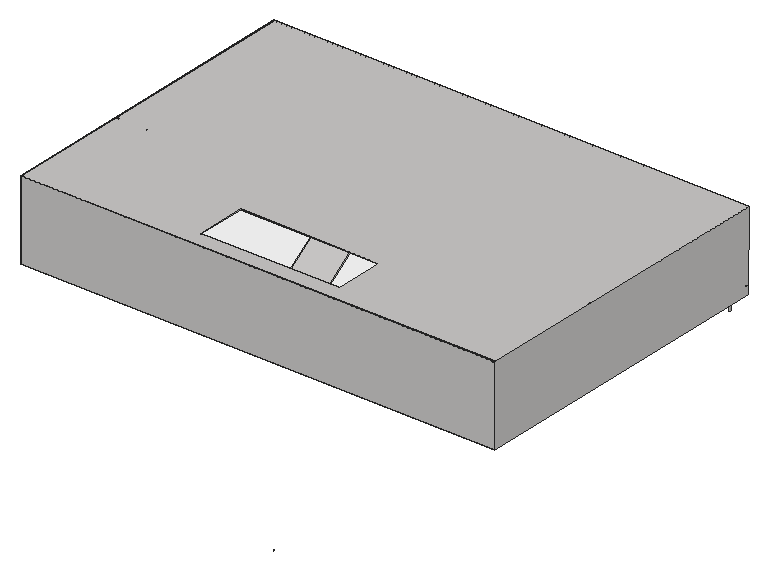
Revit family "QF_ELECTROLUXPROFESSIONAL_640205_EPF1624", category Specialty Equipment, Revit 2014
Reference planes
  plane 1: z = 0
  plane 2 "Center (Left/Right)": x = 150
  plane 3 "LEFT": x = -1050
  plane 4 "RIGHT": x = 1350
  plane 5 "BACK": y = 550
  plane 6 "TOP": z = 2400
  plane 7 "Base": z = 2000
  plane 8: z = 1970
  plane 9 "DrainY": y = 450
  plane 10: x = -1047
  plane 11: y = -720
  plane 12: y = -970
  plane 13 "DrainX": x = 1337
  plane 14 "AOLeft": x = -200
  plane 15 "AORight": x = 500
  plane 16: x = 1347
  plane 17: x = -850
  plane 18: x = 1150
  plane 19: through (0, -449.6, 2399.19) normal (0, -0.5736, 0.8192)
  plane 20: x = 50
  plane 21: x = 250
  plane 22 "Center (Front/Back)": y = -250
  plane 23 "Front": y = -1050
Forms (mm)
  Extrusion 1, solid, material "QF_Finishes_Stainless Steel"
    sketch origin (-1050, 0, 360) x (0, 1, 0) y (0, 0, 1)
      loop
        line (550, 1640) -> (550, 2040) -> (-1050, 2040) -> (-1050, 1640) -> (550, 1640)
    from 0 to 3
  Extrusion 2, solid, material "QF_Finishes_Stainless Steel"
    sketch origin (1350, 0, 360) x (0, 1, 0) y (0, 0, 1)
      loop
        line (550, 1640) -> (550, 2040) -> (-1050, 2040) -> (-1050, 1640) -> (550, 1640)
    from 0 to -3
  Extrusion 3, solid, material "QF_Finishes_Stainless Steel"
    sketch origin (150, 0, 360) x (0, 1, 0) y (0, 0, 1)
      loop
        line (-1050, 2040) -> (-1050, 1640) -> (-1040, 1640) -> (-1040, 1640.8) -> (-1049.2, 1640.8) -> (-1049.2, 2039.19) -> (549.2, 2039.19) -> (549.2, 1640.8) -> (540, 1640.8) -> (540, 1640) -> (550, 1640) -> (550, 2040) -> (-1050, 2040)
    from -1200 to 1200
  Extrusion 4, solid, material "QF_Finishes_Stainless Steel"
    sketch origin (0, 0, 2000) x (0, 1, 0) y (-1, 0, 0)
      loop
        circle (450, -1337) r 4.763
    from -30 to 0
  Extrusion 5, void
    sketch origin (0, 0, 2400) x (0, 1, 0) y (-1, 0, 0)
      loop
        line (-720, -500) -> (-720, 200) -> (-970, 200) -> (-970, -500) -> (-720, -500)
    from 0 to -10
  Extrusion 6, solid, material "QF_Finishes_Stainless Steel"
    sketch origin (0, 0, 0) x (1, 0, 0) y (0, 1, 0)
      loop
        line (-1050, 550) -> (-1050, 549) -> (-1049, 549) -> (-1049, 550) -> (-1050, 550)
    from 0 to 1
  Extrusion 7, solid, material "QF_Finishes_Stainless Steel"
    sketch origin (150, 0, 360) x (0, 1, 0) y (0, 0, 1)
      loop
        line (-531.515, 1981.832) -> (-534.381, 1985.926) -> (-973.276, 1678.608) -> (-970.553, 1674.415) -> (-531.515, 1981.832)
    from -1000 to -1197
  Extrusion 8, solid, material "QF_Finishes_Stainless Steel"
    sketch origin (150, 0, 360) x (0, 1, 0) y (0, 0, 1)
      loop
        line (-1050, 2039.19) -> (-1050, 1640) -> (-1019.702, 1640) -> (-970.553, 1674.415) -> (-978.723, 1686.995) -> (-979.394, 1686.559) -> (-971.645, 1674.627) -> (-1019.955, 1640.8) -> (-1049.2, 1640.8) -> (-1049.2, 2039.19) -> (-1050, 2039.19)
      loop
        line (-449.6, 2039.19) -> (-450.995, 2039.19) -> (-531.319, 1982.947) -> (-539.464, 1994.578) -> (-540.119, 1994.12) -> (-531.515, 1981.832) -> (-449.6, 2039.19)
    from -1197 to 1197
  Extrusion 9, solid, material "QF_Finishes_Stainless Steel"
    sketch origin (150, 0, 360) x (0, 1, 0) y (0, 0, 1)
      loop
        line (-531.515, 1981.832) -> (-534.381, 1985.926) -> (-973.276, 1678.608) -> (-970.553, 1674.415) -> (-531.515, 1981.832)
    from 1197 to 1000
  Extrusion 10, solid, material "QF_Finishes_Stainless Steel"
    sketch origin (150, 0, 360) x (0, 1, 0) y (0, 0, 1)
      loop
        line (-531.515, 1981.832) -> (-534.381, 1985.926) -> (-973.276, 1678.608) -> (-970.553, 1674.415) -> (-531.515, 1981.832)
    from -100 to 100
  Extrusion 11, solid, material "QF_Finished_Chrome"
    sketch origin (150, 0, 360) x (0, 1, 0) y (0, 0, 1)
      loop
        line (-531.515, 1981.832) -> (-534.381, 1985.926) -> (-973.276, 1678.608) -> (-970.553, 1674.415) -> (-531.515, 1981.832)
    from -1000 to -100
  Extrusion 12, solid, material "QF_Finished_Chrome"
    sketch origin (150, 0, 360) x (0, 1, 0) y (0, 0, 1)
      loop
        line (-531.515, 1981.832) -> (-534.381, 1985.926) -> (-973.276, 1678.608) -> (-970.553, 1674.415) -> (-531.515, 1981.832)
    from 100 to 1000
  Sweep 13, solid, material "QF_Finishes_Stainless Steel"
    path origin (0, 0, 0) x (1, 0, 0) y (0, 1, 0)
      loop
        line (1350, 550) -> (-1050, 550) -> (-1050, -1050) -> (1350, -1050) -> (1350, 550)
    profile origin (1350, -250, 0) x (1, 0, 0) y (0, 0, 1)
      loop
        line (-3, 2000) -> (-3, 2000.8) -> (-19, 2000.8) -> (-19, 2010) -> (-20, 2010) -> (-20, 2000) -> (-3, 2000)
  Extrusion 14, solid, material "QF_Finishes_Stainless Steel"
    sketch origin (150, 0, 0) x (0, 1, 0) y (0, 0, 1)
      loop
        line (108.687, 2305.487) -> (549.2, 2040.8) -> (549.2, 2041.733) -> (109.285, 2306.061) -> (-443.438, 2399.19) -> (-445.739, 2399.19) -> (108.687, 2305.487)
    from -1197 to 1197
Cuts and joins
  Extrusion 5 cuts Extrusion 3
  joined: Extrusion 2, Extrusion 3, Sweep 13
Lines and regions (mm)
  symbolic lines, style "SpecialityEquipment", detail levels coarse
    curve 1: line (1350, 550, 2400) -> (-1050, 550, 2400)
    curve 2: line (-1050, 550, 2400) -> (-1050, -1050.8, 2400)
    curve 3: line (1350, -1050.8, 2400) -> (1350, 550, 2400)
    curve 4: line (500, -970, 2400) -> (-200, -970, 2400)
    curve 5: line (500, -720, 2400) -> (500, -970, 2400)
    curve 6: line (-200, -720, 2400) -> (500, -720, 2400)
    curve 7: line (-200, -970, 2400) -> (-200, -720, 2400)
    curve 8: line (-1050, 550, 0) -> (1350, -1050, 0)
    curve 9: line (1350, 550, 0) -> (-1050, -1050, 0)
  symbolic lines, detail levels coarse
    curve 10: line (-1050, -1050, 0) -> (1350, -1050, 0)
    curve 11: line (-200, -720, 0) -> (-200, -970, 0)
    curve 12: line (500, -720, 0) -> (-200, -720, 0)
    curve 13: line (500, -970, 0) -> (500, -720, 0)
    curve 14: line (-200, -970, 0) -> (500, -970, 0)
Dimensions and locks
  plane 3 "LEFT" to plane 4 "RIGHT" = 2400 mm
  equal spacing: plane 3 "LEFT", plane 2 "Center (Left/Right)", plane 4 "RIGHT"
  plane 7 "Base" to plane 8 = 30 mm
  plane 5 "BACK" to plane 9 "DrainY" = 100 mm  (x2)
  plane 3 "LEFT" to plane 10 = 3 mm
  plane 13 "DrainX" to plane 4 "RIGHT" = 13 mm
  plane 16 to plane 4 "RIGHT" = 3 mm
  plane 3 "LEFT" to plane 17 = 200 mm
  plane 18 to plane 4 "RIGHT" = 200 mm
  locked: plane 14 "AOLeft" to plane 15 "AORight" at 700
  equal spacing: plane 14 "AOLeft", plane 2 "Center (Left/Right)", plane 15 "AORight"
  locked: plane 7 "Base" to level at 2000
  locked: plane 6 "TOP" to plane 7 "Base" at 400
  locked: plane 20 to plane 21 at 200
  equal spacing: plane 20, plane 2 "Center (Left/Right)", plane 21
  locked: plane 11 to plane 12 at 250
  plane 5 "BACK" to plane 23 "Front" = 1600 mm  (x2)
  equal spacing: plane 5 "BACK", plane 22 "Center (Front/Back)", plane 23 "Front"
  plane 12 to plane 23 "Front" = 80 mm
  aligned and locked: level to plane 1
  aligned and locked: plane 4 "RIGHT" to Extrusion 3
  aligned and locked: Extrusion 3 to plane 3 "LEFT"
  aligned and locked: Extrusion 5 to plane 14 "AOLeft"
  aligned and locked: Extrusion 5 to plane 12
  aligned and locked: Extrusion 5 to plane 11
  aligned and locked: Extrusion 7 to plane 10
  aligned and locked: Extrusion 7 to plane 17
  aligned and locked: Extrusion 2 to plane 16
  aligned and locked: Extrusion 5 to plane 15 "AORight"
  aligned and locked: plane 15 "AORight" to curve 5
  aligned and locked: plane 16 to Extrusion 9
  aligned and locked: plane 18 to Extrusion 9
  aligned and locked: Extrusion 10 to plane 21
  aligned and locked: Extrusion 10 to plane 20
  aligned and locked: Extrusion 11 to plane 20
  aligned and locked: plane 17 to Extrusion 11
  aligned and locked: Extrusion 12 to plane 21
  aligned and locked: Extrusion 12 to plane 18
  aligned and locked: Extrusion 14 to plane 10
  aligned and locked: plane 16 to Extrusion 14
  aligned and locked: Extrusion 8 to plane 10
  aligned and locked: Extrusion 8 to plane 16
  aligned and locked: Extrusion 1 to plane 23 "Front"
Automatic sketch dimensions
  curve 2 to plane 3 "LEFT" = 0 mm
  curve 4 to plane 12 = 0 mm
  plane 11 to curve 6 = 0 mm
  curve 2 to plane 5 "BACK" = 0 mm
  curve 4 to plane 14 "AOLeft" = 0 mm
  Extrusion 1 sketch curve to plane 7 "Base" = 0 mm
  Extrusion 1 sketch curve to plane 5 "BACK" = 0 mm
  Extrusion 1 sketch curve to plane 6 "TOP" = 0 mm
  Extrusion 2 sketch curve to plane 7 "Base" = 0 mm
  Extrusion 2 sketch curve to plane 5 "BACK" = 0 mm
  Extrusion 2 sketch curve to plane 6 "TOP" = 0 mm
  Extrusion 3 sketch curve to plane 6 "TOP" = 0 mm
  Extrusion 3 sketch curve to plane 7 "Base" = 0 mm  (x2)
  Extrusion 3 sketch curve to plane 5 "BACK" = 0 mm
  Extrusion 3 sketch curve to Extrusion 3 sketch curve = 9.2 mm
  plane 7 "Base" to Extrusion 3 sketch curve = 0.8 mm  (x2)
  Extrusion 3 sketch curve to plane 5 "BACK" = 10 mm
  Extrusion 3 sketch curve to plane 5 "BACK" = 0.8 mm
  Extrusion 3 sketch curve to plane 6 "TOP" = 0.81 mm
  Extrusion 4 sketch curve to plane 9 "DrainY" = 0 mm
  Extrusion 4 sketch curve to plane 13 "DrainX" = 0 mm
  Extrusion 5 sketch curve to plane 12 = 0 mm
  plane 11 to Extrusion 5 sketch curve = 0 mm
  Extrusion 5 sketch curve to plane 15 "AORight" = 0 mm
  Extrusion 5 sketch curve to plane 14 "AOLeft" = 0 mm
  Extrusion 6 sketch curve to plane 3 "LEFT" = 0 mm
  Extrusion 6 sketch curve to plane 5 "BACK" = 0 mm
  plane 3 "LEFT" to Extrusion 6 sketch curve = 1 mm
  Extrusion 6 sketch curve to Extrusion 6 sketch curve = 1 mm
  Extrusion 7 sketch curve to plane 19 = 0 mm  (x2)
  plane 7 "Base" to Extrusion 7 sketch curve = 34.415 mm
  Extrusion 7 sketch curve to plane 6 "TOP" = 54.074 mm
  Extrusion 8 sketch curve to plane 7 "Base" = 0 mm
  plane 19 to Extrusion 8 sketch curve = 0 mm  (x4)
  Extrusion 8 sketch curve to Extrusion 8 sketch curve = 0.252 mm
  Extrusion 8 sketch curve to Extrusion 8 sketch curve = 40.561 mm
  plane 7 "Base" to Extrusion 8 sketch curve = 46.995 mm
  Extrusion 8 sketch curve to Extrusion 8 sketch curve = 0.671 mm
  plane 7 "Base" to Extrusion 8 sketch curve = 34.627 mm
  Extrusion 8 sketch curve to Extrusion 8 sketch curve = 7.749 mm
  Extrusion 8 sketch curve to plane 6 "TOP" = 45.88 mm
  Extrusion 8 sketch curve to plane 6 "TOP" = 45.422 mm
  Extrusion 8 sketch curve to plane 6 "TOP" = 57.053 mm
  Extrusion 8 sketch curve to plane 6 "TOP" = 0.81 mm  (x2)
  plane 7 "Base" to Extrusion 8 sketch curve = 0.8 mm
  Extrusion 9 sketch curve to plane 19 = 0 mm  (x2)
  plane 7 "Base" to Extrusion 9 sketch curve = 34.415 mm
  Extrusion 9 sketch curve to plane 6 "TOP" = 54.074 mm
  Extrusion 10 sketch curve to plane 19 = 0 mm  (x2)
  plane 7 "Base" to Extrusion 10 sketch curve = 34.415 mm
  Extrusion 10 sketch curve to plane 6 "TOP" = 54.074 mm
  Extrusion 11 sketch curve to plane 19 = 0 mm  (x2)
  plane 7 "Base" to Extrusion 11 sketch curve = 34.415 mm
  Extrusion 11 sketch curve to plane 6 "TOP" = 54.074 mm
  Extrusion 12 sketch curve to plane 19 = 0 mm  (x2)
  plane 7 "Base" to Extrusion 12 sketch curve = 34.415 mm
  Extrusion 12 sketch curve to plane 6 "TOP" = 54.074 mm
  Sweep 13 sketch curve to plane 3 "LEFT" = 0 mm
  Sweep 13 sketch curve to plane 4 "RIGHT" = 0 mm
  Sweep 13 sketch curve to plane 5 "BACK" = 0 mm
  profile plane to Sweep 13 sketch curve = 20 mm
  Sweep 13 sketch curve to Sweep 13 sketch curve = 1 mm
  profile plane to Sweep 13 sketch curve = 3 mm
  level to Sweep 13 sketch curve = 2000 mm
  Sweep 13 sketch curve to Sweep 13 sketch curve = 0.8 mm
  Sweep 13 sketch curve to Sweep 13 sketch curve = 9.2 mm
  Extrusion 7 sketch curve to plane 11 = 185.619 mm
  Extrusion 8 sketch curve to Extrusion 8 sketch curve = 90.519 mm
  Extrusion 9 sketch curve to plane 11 = 185.619 mm
  Extrusion 10 sketch curve to plane 11 = 185.619 mm
  Extrusion 11 sketch curve to plane 11 = 185.619 mm
  Extrusion 12 sketch curve to plane 11 = 185.619 mm
  Extrusion 1 sketch curve to plane 12 = 80 mm
  Extrusion 2 sketch curve to plane 12 = 80 mm
  Extrusion 3 sketch curve to plane 12 = 70 mm
  Extrusion 3 sketch curve to Extrusion 3 sketch curve = 0.8 mm
  Extrusion 7 sketch curve to plane 12 = 3.276 mm
  Extrusion 8 sketch curve to plane 12 = 79.2 mm
  Extrusion 8 sketch curve to Extrusion 8 sketch curve = 0.8 mm
  Extrusion 9 sketch curve to plane 12 = 3.276 mm
  Extrusion 10 sketch curve to plane 12 = 3.276 mm
  Extrusion 11 sketch curve to plane 12 = 3.276 mm
  Extrusion 12 sketch curve to plane 12 = 3.276 mm
  Sweep 13 sketch curve to plane 12 = 80 mm
  Extrusion 14 sketch curve to plane 6 "TOP" = 0.81 mm
  Extrusion 14 sketch curve to plane 22 "Center (Front/Back)" = 195.739 mm
  Extrusion 14 sketch curve to Extrusion 14 sketch curve = 2.3 mm
  Extrusion 14 sketch curve to plane 6 "TOP" = 94.513 mm
  Extrusion 14 sketch curve to plane 9 "DrainY" = 341.313 mm
  Extrusion 14 sketch curve to plane 6 "TOP" = 93.939 mm
  Extrusion 14 sketch curve to Extrusion 14 sketch curve = 0.598 mm
  Extrusion 14 sketch curve to plane 5 "BACK" = 0.8 mm
  plane 7 "Base" to Extrusion 14 sketch curve = 40.8 mm
  Extrusion 14 sketch curve to Extrusion 14 sketch curve = 0.933 mm
  curve 3 to plane 4 "RIGHT" = 0 mm
  curve 3 to plane 23 "Front" = 0.8 mm
  curve 2 to plane 23 "Front" = 0.8 mm
  curve 10 to plane 3 "LEFT" = 0 mm
  curve 8 to plane 3 "LEFT" = 0 mm
  curve 9 to plane 4 "RIGHT" = 0 mm
  curve 10 to plane 4 "RIGHT" = 0 mm
  curve 8 to plane 23 "Front" = 0 mm
  curve 9 to plane 5 "BACK" = 0 mm
  curve 8 to plane 5 "BACK" = 0 mm
  plane 11 to curve 11 = 0 mm
  curve 11 to plane 14 "AOLeft" = 0 mm
  curve 12 to plane 15 "AORight" = 0 mm
  curve 13 to plane 12 = 0 mm
  radius of Extrusion 4 sketch curve = 4.763 mm
Connectors
  piping at (1337, 450, 1970), diameter 9.5
    settings: on Extrusion 4, index 1, connector inside diameter 609.6 mm, connector length 0 mm, flow factor 0, pipe flow 0.0 L/s, pressure drop 0.0 Pa, fitting loss kfactor 0, connector angle 0.00°, fixture units 0, engagement length 0 mm, angle of deflection 0.00°, flow configuration 1, flow direction 2, fitting loss method 0, system type 16, joint type 0, gender type 0, connector reference index -1, connector utility 0, adjustable connector no, is connector primary yes, connector description "Drain"
  hvac at (150, -845, 2400)
    settings: on Extrusion 5, index 2, duct flow 0.0 L/s, flow factor 0, pres drop 0.0 Pa, loss coef 0, conn angle 0.00°, conn width 250 mm, conn height 700 mm, conn diameter 609.6 mm, duct sys type 3, conn prof type 1, flow config 1, flow direction 0, loss method 0, conn ref index -1, conn util no, is conn primary yes, conn desc "EXHAUST OUTLET"
